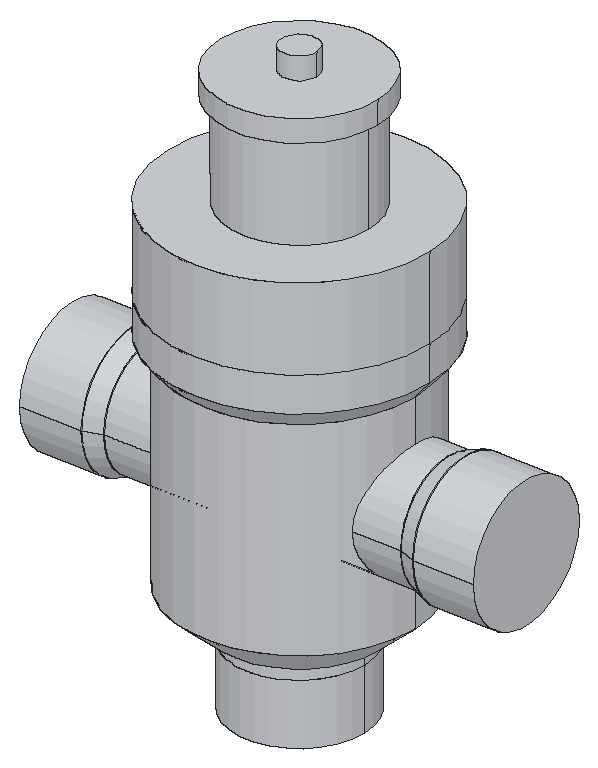
Revit family "VMX09P_DN15_PN16_RFA_2018", category Pipe Accessories, Revit 2018
Family settings
  Round Connector Dimension = Use Diameter
  Part Type = Valve - Breaks Into
  Work Plane-Based = No
  Always vertical = Yes
  Cut with Voids When Loaded = No
  Shared = No
Parameters (values of type "VMX09P G1/2  PN16 kvs0,25")
  magiProductId = ""
  magiProductFamilyId = ""
  magiPartTypeId = 320
  isMeasuringValve [instance] = no
  ang2D [instance] = 0.00°
  Z9 = 7 mm
  Z8 = 4 mm
  Z7__ve = -Z7  # -2.5 mm
  Z7 = 2.5 mm
  Z6 = 8.775 mm
  Z5 = 9.45 mm
  Z3 = 2 mm
  Z2 = 5 mm
  Z1 = 3.75 mm
  X4__ve = -X4  # -7 mm
  X4 = 7 mm
  X3 = 34 mm
  X1 = 5.2 mm
  W2D = 15 mm
  VersionID = ""
  Use Minimum Symbol Size [instance] = no
  URL = "www.hydronix.cz"
  Type Comments = "Závitový, vnější závit, ploché těsnění; LIN charakteristika; PN16; +5~+95°C; max.rychlost proudění 3,0 m/s"
  TL = 52 mm
  R9 = 9 mm
  R8 = 2 mm
  R7 = 15 mm
  R6 = 9 mm
  R5 = 10.214 mm
  R4 = 8.512 mm
  R3 = 7.5 mm
  R2 = 13.3 mm
  R10 = 8 mm
  R1 = 6.75 mm
  QmdConnectorList = "301;D;302;D;303;D"
  Productdata [instance] = ""
  Manufacturer = "Hydronix"
  MT = 1
  MC Product Code = "VMX09P (G1/2\"; dpmax=250kPa; kvs 0,25)"
  MC = yes
  LT2 = 19 mm
  L2D_Min = 30.48 mm
  L2D = 38 mm
  L = 38 mm
  H1 = 23.8 mm
  H = 27 mm
  E = 16 mm
  Description = "3 cestný regulační ventil malých spotřebičů, DN15; zdvih 2,5mm; max dp 250kPa; kvs0,25"
  DT2 = 7.5 mm
  D = 15 mm
  CS = no
  CAT0 = yes
  CAT = no
  C = 25 mm
  Assembly Code = ""
Types (8, lengths in mm): name | Z9 | Z6 | Z5 | Z2 | Z1 | X3 | X1 | W2D | TL | R6 | R5 | R4 | R3 | R2 | R1 | MC Product Code | LT2 | L2D | L | H1 | H | Description | DT2 | D | C
  VMX09P G1/2  PN16 kvs0,25 | 7 | 8.775 | 9.45 | 5 | 3.75 | 34 | 5.2 | 15 | 52 | 9 | 10.214 | 8.512 | 7.5 | 13.3 | 6.75 | "VMX09P (G1/2\"; dpmax=250kPa; kvs 0,25)" | 19 | 38 | 38 | 23.8 | 27 | "3 cestný regulační ventil malých spotřebičů, DN15; zdvih 2,5mm; max dp 250kPa; kvs0,25" | 7.5 | 15 | 25
  VMX10P G1/2  PN16 kvs0,4 | 7 | 8.775 | 9.45 | 5 | 3.75 | 34 | 5.2 | 15 | 52 | 9 | 10.214 | 8.512 | 7.5 | 13.3 | 6.75 | "VMX10P (G1/2\"; dpmax=250kPa; kvs 0,4)" | 19 | 38 | 38 | 23.8 | 27 | "3 cestný regulační ventil malých spotřebičů, DN15; zdvih 2,5mm; max dp 250kPa; kvs0,4" | 7.5 | 15 | 25
  VMX11P G1/2  PN16 kvs0,6 | 7 | 8.775 | 9.45 | 5 | 3.75 | 34 | 5.2 | 15 | 52 | 9 | 10.214 | 8.512 | 7.5 | 13.3 | 6.75 | "VMX11P (G1/2\"; dpmax=250kPa; kvs 0,6)" | 19 | 38 | 38 | 23.8 | 27 | "3 cestný regulační ventil malých spotřebičů, DN15; zdvih 2,5mm; max dp 250kPa; kvs0,6" | 7.5 | 15 | 25
  VMX12P G1/2  PN16 kvs1,0 | 7 | 8.775 | 9.45 | 5 | 3.75 | 34 | 5.2 | 15 | 52 | 9 | 10.214 | 8.512 | 7.5 | 13.3 | 6.75 | "VMX12P (G1/2\"; dpmax=250kPa; kvs 1,0)" | 19 | 38 | 38 | 23.8 | 27 | "3 cestný regulační ventil malých spotřebičů, DN15; zdvih 2,5mm; max dp 250kPa; kvs1,0" | 7.5 | 15 | 25
  VMX13P G1/2  PN16 kvs1,6 | 7 | 8.775 | 9.45 | 5 | 3.75 | 34 | 5.2 | 15 | 52 | 9 | 10.214 | 8.512 | 7.5 | 13.3 | 6.75 | "VMX13P (G1/2\"; dpmax=250kPa; kvs 1,6)" | 19 | 38 | 38 | 23.8 | 27 | "3 cestný regulační ventil malých spotřebičů, DN15; zdvih 2,5mm; max dp 250kPa; kvs1,6" | 7.5 | 15 | 25
  VMX21P G3/4  PN16 kvs2,5 | 8.8 | 8.45 | 9.1 | 6.8 | 5.1 | 38 | 5.6 | 20 | 56 | 12 | 11.29 | 9.408 | 10 | 14.7 | 9 | "VMX21P (G3/4\"; dpmax=150kPa; kvs 2,5)" | 21 | 42 | 42 | 29 | 26 | "3 cestný regulační ventil malých spotřebičů, DN20; zdvih 2,5mm; max dp 150kPa; kvs2,5" | 10 | 20 | 34
  VMX24P G3/4  PN16 kvs4,0 | 8.8 | 8.45 | 9.1 | 6.8 | 5.1 | 38 | 5.6 | 20 | 56 | 12 | 11.29 | 9.408 | 10 | 14.7 | 9 | "VMX24P (G3/4\";  dpmax A-AB=100kPa;  dpmax B-AB=40kPa;  kvs 4,0)" | 21 | 42 | 42 | 29 | 26 | "3 cestný regulační ventil malých spotřebičů, DN20; zdvih 2,5mm; max dp A-AB 100kPa; max dp B-AB 40kPa; kvs4,0" | 10 | 20 | 34
  VMX26P G3/4  PN16 kvs6,0 | 8.8 | 8.45 | 9.1 | 6.8 | 5.1 | 38 | 5.6 | 20 | 56 | 12 | 11.29 | 9.408 | 10 | 14.7 | 9 | "VMX26P (G3/4\";  dpmax A-AB=100kPa;  dpmax B-AB=40kPa;  kvs 6,0)" | 21 | 42 | 42 | 29 | 26 | "3 cestný regulační ventil malých spotřebičů, DN20; zdvih 2,5mm; max dp A-AB 100kPa; max dp B-AB 40kPa; kvs6,0" | 10 | 20 | 34
Reference planes
  plane 1 "Center (Front/Back)": y = 0
  plane 2 "XYPLANE": z = 0
  plane 3 "Center (Left/Right)": x = 0
  plane 4 "271": z = 38
  plane 5 "254": z = 11.55
  plane 6 "253": z = 17.55
  plane 7 "148": z = 40.5
  plane 8 "132": z = 43
  plane 9 "62": z = 13.55
  plane 10 "53": z = 27
  plane 11 "52": z = -12.25
  plane 12 "48": z = -16
  plane 13 "47": z = -18
  plane 14 "38": z = -23
  plane 15 "37": x = 17
  plane 16 "36": x = 19
  plane 17 "23": z = -25
  plane 18 "19": x = -17
  plane 19 "15": x = -19
  plane 20 "6": x = 26
  plane 21 "5": x = -26
  plane 22 "3": z = 0
  plane 23 "2": y = 0
  plane 24 "1": x = 0
Forms (mm)
  Extrusion 1, solid
    sketch origin (-750, 0, -25) x (1, 0, 0) y (0, 1, 0)
      loop
        circle (750, 0) r 7.5
    from 0 to 7 <- "Z9"
  Extrusion 2, solid, visible <- "CAT0"
    sketch origin (-750, 0, 43) x (1, 0, 0) y (0, 1, 0)
      loop
        circle (750, 0) r 2
    from 0 to -2.5 <- "Z7__ve"
  Extrusion 3, solid, visible <- "CAT0"
    sketch origin (-750, 0, 38) x (1, 0, 0) y (0, 1, 0)
      loop
        circle (750, 0) r 8
    from 0 to -19
  Extrusion 4, solid, visible <- "CAT0"
    sketch origin (-17, -750, 0) x (0, 1, 0) y (0, 0, 1)
      loop
        circle (750, 0) r 6.75
    from 0 to 34 <- "X3"
  Extrusion 5, solid
    sketch origin (-750, 0, 13.55) x (1, 0, 0) y (0, 1, 0)
      loop
        circle (750, 0) r 15
    from 0 to 4 <- "Z8"
  Extrusion 6, solid
    sketch origin (-750, 0, 40.5) x (1, 0, 0) y (0, 1, 0)
      loop
        circle (750, 0) r 9
    from 0 to -2.5 <- "Z7__ve"
  Extrusion 7, solid
    sketch origin (-750, 0, 17.55) x (1, 0, 0) y (0, 1, 0)
      loop
        circle (750, 0) r 15
    from 0 to 9.45 <- "Z5"
  Blend 8, solid
    base sketch origin (-750, 0, 11.55) x (1, 0, 0) y (0, 1, 0)
      loop
        circle (750, 0) r 13.3
    top sketch origin (-750, 0, 11.55) x (1, 0, 0) y (0, 1, 0)
      loop
        circle (750, 0) r 15
    from 0 to 2
  Blend 9, solid
    base sketch origin (-750, 0, -12.25) x (1, 0, 0) y (0, 1, 0)
      loop
        circle (750, 0) r 13.3
    top sketch origin (-750, 0, -12.25) x (1, 0, 0) y (0, 1, 0)
      loop
        circle (750, 0) r 9
    from 0 to -3.75
  Extrusion 10, solid
    sketch origin (-750, 0, -18) x (1, 0, 0) y (0, 1, 0)
      loop
        circle (750, 0) r 7.5
    from 0 to 2 <- "Z3"
  Extrusion 11, solid
    sketch origin (26, -750, 0) x (0, 1, 0) y (0, 0, 1)
      loop
        circle (750, 0) r 7.5
    from 0 to -7 <- "X4__ve"
  Blend 12, solid
    base sketch origin (19, -750, 0) x (0, 1, 0) y (0, 0, 1)
      loop
        circle (750, 0) r 7.5
    top sketch origin (19, -750, 0) x (0, 1, 0) y (0, 0, 1)
      loop
        circle (750, 0) r 6.75
    from 0 to -2
  Extrusion 13, solid
    sketch origin (-750, 0, -12.25) x (1, 0, 0) y (0, 1, 0)
      loop
        circle (750, 0) r 13.3
    from 0 to 23.8 <- "H1"
  Blend 14, solid
    base sketch origin (-19, -750, 0) x (0, 1, 0) y (0, 0, 1)
      loop
        circle (750, 0) r 7.5
    top sketch origin (-19, -750, 0) x (0, 1, 0) y (0, 0, 1)
      loop
        circle (750, 0) r 6.75
    from 0 to 2
  Extrusion 15, solid
    sketch origin (-26, -750, 0) x (0, 1, 0) y (0, 0, 1)
      loop
        circle (750, 0) r 7.5
    from 0 to 7 <- "X4"
  Extrusion 16, solid, not visible
    sketch origin (-750, 0, -18) x (1, 0, 0) y (0, 1, 0)
      loop
        circle (750, 0) r 10
    from 0 to 10
  Extrusion 17, solid, not visible
    sketch origin (19, -750, 0) x (0, 1, 0) y (0, 0, 1)
      loop
        circle (750, 0) r 10
    from 0 to -10
  Extrusion 18, solid, not visible
    sketch origin (-19, -750, 0) x (0, 1, 0) y (0, 0, 1)
      loop
        circle (750, 0) r 10
    from 0 to 10
Lines and regions (mm)
  reference lines, not visible
    curve 1: circle (2, 2, 0) r 1 normal (0, 0, 1)
Dimensions and locks
  plane 1 "Center (Front/Back)" to curve 1 = 2 mm
  "Z7": plane 7 "148" to plane 4 "271"
  "Z3": plane 9 "62" to plane 5 "254"
  "Z5": plane 10 "53" to plane 6 "253"
  "Z7": plane 8 "132" to plane 7 "148"
  "E": plane 10 "53" to plane 8 "132"
  "Z8": plane 6 "253" to plane 9 "62"
  "H": plane 2 "XYPLANE" to plane 10 "53"
  "Z1": plane 12 "48" to plane 11 "52"
  "Z3": plane 13 "47" to plane 12 "48"
  "Z2": plane 14 "38" to plane 13 "47"
  "Z3": plane 17 "23" to plane 14 "38"
  locked: plane 16 "36" to plane 15 "37" at 2
  "LT2": plane 3 "Center (Left/Right)" to plane 16 "36"
  "C": plane 2 "XYPLANE" to plane 17 "23"
  locked: plane 19 "15" to plane 18 "19" at 2
  "LT2": plane 3 "Center (Left/Right)" to plane 19 "15"
  "X4": plane 16 "36" to plane 20 "6"
  "X4": plane 19 "15" to plane 21 "5"
  locked: plane 2 "XYPLANE" to plane 22 "3"
  locked: plane 1 "Center (Front/Back)" to plane 23 "2"
  locked: plane 3 "Center (Left/Right)" to plane 24 "1"
  "DT2": radius of Extrusion 1 sketch curve
  "R8": radius of Extrusion 2 sketch curve
  "R10": radius of Extrusion 3 sketch curve
  "R1": radius of Extrusion 4 sketch curve
  "R7": radius of Extrusion 5 sketch curve
  "R9": radius of Extrusion 6 sketch curve
  "R7": radius of Extrusion 7 sketch curve
  "R7": radius of Blend 8 sketch curve
  "R2": radius of Blend 8 sketch curve
  "R6": radius of Blend 9 sketch curve
  "R2": radius of Blend 9 sketch curve
  "DT2": radius of Extrusion 10 sketch curve
  "DT2": radius of Extrusion 11 sketch curve
  "R1": radius of Blend 12 sketch curve
  "DT2": radius of Blend 12 sketch curve
  "R2": radius of Extrusion 13 sketch curve
  "R1": radius of Blend 14 sketch curve
  "DT2": radius of Blend 14 sketch curve
  "DT2": radius of Extrusion 15 sketch curve
  aligned and locked: level to plane 2 "XYPLANE"
  aligned and locked: plane 23 "2" to Extrusion 1 sketch curve
  aligned and locked: plane 24 "1" to Extrusion 1 sketch curve
  aligned and locked: plane 23 "2" to Extrusion 2 sketch curve
  aligned and locked: plane 24 "1" to Extrusion 2 sketch curve
  aligned and locked: plane 23 "2" to Extrusion 3 sketch curve
  aligned and locked: plane 24 "1" to Extrusion 3 sketch curve
  aligned and locked: plane 22 "3" to Extrusion 4 sketch curve
  aligned and locked: Extrusion 4 sketch curve to plane 23 "2"
  aligned and locked: plane 23 "2" to Extrusion 5 sketch curve
  aligned and locked: plane 24 "1" to Extrusion 5 sketch curve
  aligned and locked: plane 23 "2" to Extrusion 6 sketch curve
  aligned and locked: plane 24 "1" to Extrusion 6 sketch curve
  aligned and locked: plane 23 "2" to Extrusion 7 sketch curve
  aligned and locked: plane 24 "1" to Extrusion 7 sketch curve
  aligned and locked: plane 23 "2" to Blend 8 sketch curve  (x2)
  aligned and locked: plane 24 "1" to Blend 8 sketch curve  (x2)
  aligned and locked: plane 9 "62" to Blend 8
  aligned and locked: plane 23 "2" to Blend 9 sketch curve  (x2)
  aligned and locked: plane 24 "1" to Blend 9 sketch curve  (x2)
  aligned and locked: Blend 9 to plane 12 "48"
  aligned and locked: plane 23 "2" to Extrusion 10 sketch curve
  aligned and locked: plane 24 "1" to Extrusion 10 sketch curve
  aligned and locked: plane 22 "3" to Extrusion 11 sketch curve
  aligned and locked: Extrusion 11 sketch curve to plane 23 "2"
  aligned and locked: plane 22 "3" to Blend 12 sketch curve  (x2)
  aligned and locked: Blend 12 sketch curve to plane 23 "2"  (x2)
  aligned and locked: Blend 12 to plane 15 "37"
  aligned and locked: plane 23 "2" to Extrusion 13 sketch curve
  aligned and locked: plane 24 "1" to Extrusion 13 sketch curve
  aligned and locked: plane 22 "3" to Blend 14 sketch curve  (x2)
  aligned and locked: Blend 14 sketch curve to plane 23 "2"  (x2)
  aligned and locked: plane 18 "19" to Blend 14
  aligned and locked: plane 22 "3" to Extrusion 15 sketch curve
  aligned and locked: Extrusion 15 sketch curve to plane 23 "2"
  aligned and locked: plane 23 "2" to Extrusion 16 sketch curve
  aligned and locked: plane 24 "1" to Extrusion 16 sketch curve
  aligned and locked: plane 22 "3" to Extrusion 17 sketch curve
  aligned and locked: Extrusion 17 sketch curve to plane 23 "2"
  aligned and locked: plane 22 "3" to Extrusion 18 sketch curve
  aligned and locked: Extrusion 18 sketch curve to plane 23 "2"
Automatic sketch dimensions
  plane 1 "Center (Front/Back)" to Extrusion 16 sketch curve = 10 mm
  plane 1 "Center (Front/Back)" to Extrusion 17 sketch curve = 10 mm
  plane 1 "Center (Front/Back)" to Extrusion 18 sketch curve = 10 mm
  plane 3 "Center (Left/Right)" to curve 1 = 2 mm
  radius of curve 1 = 1 mm
Connectors
  piping at (-19, 0, 0), diameter 15, driven by "D"
    settings: on Extrusion 18, index 1, connector inside diameter 609.6 mm, connector length 0 mm, flow factor 0, pipe flow 0.0 L/s, pressure drop 0.0 Pa, fitting loss kfactor 0, connector angle 0.00°, fixture units 0, engagement length 0 mm, angle of deflection 0.00°, flow configuration 0, flow direction 0, fitting loss method 0, system type 29, joint type 0, gender type 0, connector reference index -1, connector utility 0, adjustable connector yes, is connector primary yes, connector description ""
  piping at (19, 0, 0), diameter 15, driven by "D"
    settings: on Extrusion 17, index 2, connector inside diameter 609.6 mm, connector length 0 mm, flow factor 0, pipe flow 0.0 L/s, pressure drop 0.0 Pa, fitting loss kfactor 0, connector angle 0.00°, fixture units 0, engagement length 0 mm, angle of deflection 0.00°, flow configuration 0, flow direction 0, fitting loss method 0, system type 29, joint type 0, gender type 0, connector reference index -1, connector utility 0, adjustable connector yes, is connector primary no, connector description ""
  piping at (0, 0, -18), diameter 15, driven by "D"
    settings: on Extrusion 16, index 3, connector inside diameter 609.6 mm, connector length 0 mm, flow factor 0, pipe flow 0.0 L/s, pressure drop 0.0 Pa, fitting loss kfactor 0, connector angle 0.00°, fixture units 0, engagement length 0 mm, angle of deflection 0.00°, flow configuration 0, flow direction 0, fitting loss method 0, system type 29, joint type 0, gender type 0, connector reference index -1, connector utility 0, adjustable connector yes, is connector primary no, connector description ""
